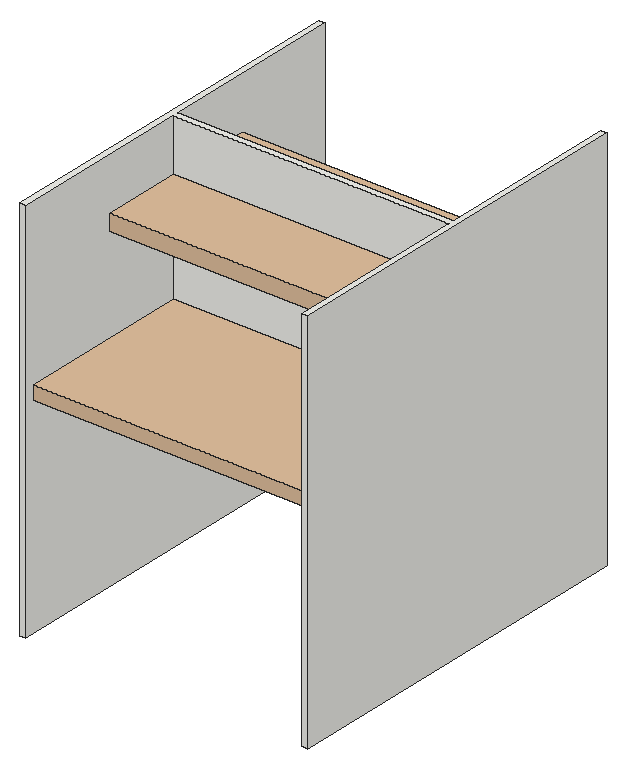
Revit family "527e1c7f282b4ea7983788f73d0e8f63", category Specialty Equipment, Revit 2021
Family settings
  Round Connector Dimension = Use Diameter
  Part Type = Normal
  OmniClass Number = 23.40.50.27.21.17
  OmniClass Title = Study Carrels
  Seek Item ID = Dbl Sided Carrel-0000-USA-ENU
  Work Plane-Based = No
  Always vertical = Yes
  Cut with Voids When Loaded = No
  Shared = No
  Room Calculation Point = No
Parameters (values of type "Dbl Sided Carrel")
  Default Elevation = 0' - 0"
  Assembly Code = "E1020200"
  Carrel Material = Laminate, Ivory, Matte
  Desktop/Shelf Material = Cherry
Reference planes (in)
  plane 1 "Center (Front/Back)": y = 0
  plane 2: z = 0
  plane 3 "Center (Left/Right)": x = 0
  plane 4: x = -18
  plane 5: x = -17.25
  plane 6: x = 17.25
  plane 7: x = 18
  plane 8: y = -23.375
  plane 9: y = 0.375
  plane 10: y = 23.375
  plane 11: y = -0.375
  plane 12: y = 21.375
  plane 13: y = -21.375
  plane 14: z = 27
  plane 15 "Upper Shelf": z = 42
  plane 16 "Counter Top": z = 28
  plane 17 "Top": z = 48.5
Forms (in)
  Extrusion 1, solid, material "Laminate, Ivory, Matte" <- "Carrel Material"
    sketch origin (0, 0, 0) x (1, 0, 0) y (0, 1, 0)
      loop
        line (-18, 23.375) -> (-18, -23.375) -> (-17.25, -23.375) -> (-17.25, -0.375) -> (17.25, -0.375) -> (17.25, -23.375) -> (18, -23.375) -> (18, 23.375) -> (17.25, 23.375) -> (17.25, 0.375) -> (-17.25, 0.375) -> (-17.25, 23.375) -> (-18, 23.375)
    from 0 to 48.5
  Extrusion 2, solid, material "Cherry" <- "Desktop/Shelf Material"
    sketch origin (-17.25, -23.375, 48.5) x (0, 0, -1) y (0, 1, 0)
      loop
        line (21.5, 2) -> (21.5, 23) -> (20.5, 23) -> (20.5, 1) -> (22.25, 1) -> (22.25, 2) -> (21.5, 2)
      loop
        line (21.5, 44.75) -> (22.25, 44.75) -> (22.25, 45.75) -> (20.5, 45.75) -> (20.5, 23.75) -> (21.5, 23.75) -> (21.5, 44.75)
    from 0 to 34.5
  Extrusion 3, solid, material "Cherry" <- "Desktop/Shelf Material"
    sketch origin (-18, 23.375, 48.5) x (0, 0, -1) y (0, -1, 0)
      loop
        line (6.5, 23) -> (6.5, 13) -> (8.5, 13) -> (8.5, 13.5) -> (7, 13.5) -> (7, 23) -> (6.5, 23)
      loop
        line (6.5, 23.71356) -> (7, 23.71356) -> (7, 33.25) -> (8.5, 33.25) -> (8.5, 33.75) -> (6.5, 33.75) -> (6.5, 23.71356)
    from -0.75 to -35.25
  Extrusion 4, void
    sketch origin (-17.25, -0.375, 48.5) x (0, 0, -1) y (1, 0, 0)
      loop
        line (48.5, 0) -> (48.5, 34.5) -> (33.5, 34.5) -> (33.5, 0) -> (48.5, 0)
    from 0 to -1
Cuts and joins
  Extrusion 4 cuts Extrusion 1
  Extrusion 4 cuts Extrusion 2
  Extrusion 4 cuts Extrusion 3
Lines and regions (in)
  Masking region 1
    outline origin (0, 0, 0) x (1, 0, 0) y (0, 1, 0)
      loop
        line (-18, 23.375) -> (-18, -23.375) -> (-17.25, -23.375) -> (-17.25, -0.375) -> (17.25, -0.375) -> (17.25, -23.375) -> (18, -23.375) -> (18, 23.375) -> (17.25, 23.375) -> (17.25, 0.375) -> (-17.25, 0.375) -> (-17.25, 23.375) -> (-18, 23.375)
  Masking region 2
    outline origin (0, 0, 28) x (-1, 0, 0) y (0, -1, 0)
      loop
        line (17.25, 0.375) -> (17.25, 22.375) -> (-17.25, 22.375) -> (-17.25, 0.375) -> (17.25, 0.375)
      loop
        line (17.25, -0.375) -> (-17.25, -0.375) -> (-17.25, -22.375) -> (17.25, -22.375) -> (17.25, -0.375)
  Masking region 3
    outline origin (0, 0, 42) x (-1, 0, 0) y (0, -1, 0)
      loop
        line (17.25, -10.375) -> (17.25, -0.375) -> (-17.25, -0.375) -> (-17.25, -10.375) -> (17.25, -10.375)
      loop
        line (17.25, 0.375) -> (17.25, 10.375) -> (-17.25, 10.375) -> (-17.25, 0.375) -> (17.25, 0.375)
  symbolic lines
    curve 1: line (-18, 0.375, 0) -> (18, 0.375, 0)
    curve 2: line (-18, -0.375, 0) -> (18, -0.375, 0)
Dimensions and locks (in)
  equal spacing: plane 4, plane 3 "Center (Left/Right)", plane 7
  aligned and locked: Masking region 1 sketch curve to plane 4
  aligned and locked: plane 7 to Masking region 1 sketch curve
  aligned and locked: plane 10 to Masking region 1 sketch curve
  aligned and locked: Masking region 1 sketch curve to plane 8
  aligned and locked: Masking region 1 sketch curve to plane 5  (x2)
  aligned and locked: plane 6 to Masking region 1 sketch curve  (x2)
  aligned and locked: plane 9 to Masking region 2 sketch curve
  aligned and locked: plane 11 to Masking region 2 sketch curve
  aligned and locked: plane 5 to Masking region 2 sketch curve
  aligned and locked: Masking region 2 sketch curve to plane 5
  aligned and locked: plane 6 to Masking region 2 sketch curve
  aligned and locked: Masking region 2 sketch curve to plane 6
  aligned and locked: Masking region 2 sketch curve to cut or joined group of Extrusion 2, Extrusion 4  (x2)
  aligned and locked: Masking region 3 sketch curve to plane 9
  aligned and locked: plane 11 to Masking region 3 sketch curve
  aligned and locked: plane 6 to Masking region 3 sketch curve  (x2)
  aligned and locked: Masking region 3 sketch curve to plane 5  (x2)
  aligned and locked: Masking region 3 sketch curve to cut or joined group of Extrusion 3, Extrusion 4  (x2)
Automatic sketch dimensions
  curve 2 to plane 11 = 0' - 0"
  curve 1 to plane 9 = 0' - 0"
  curve 2 to plane 4 = 0' - 0"
  curve 1 to plane 4 = 0' - 0"
  curve 2 to plane 7 = 0' - 0"
  curve 1 to plane 7 = 0' - 0"
  Masking region 1 sketch curve to plane 11 = 0' - 0"
  Masking region 1 sketch curve to plane 9 = 0' - 0"
  Masking region 1 sketch curve to plane 10 = 0' - 0"
  Masking region 1 sketch curve to plane 8 = 0' - 0"
